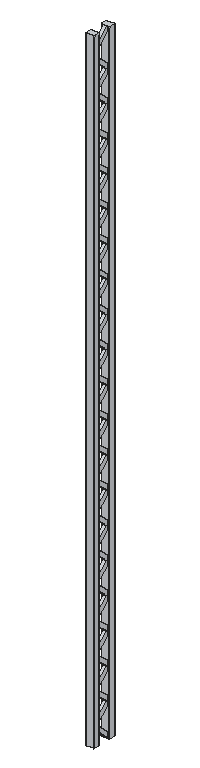
Revit family "GT24Grider6000", category Generic Models, Revit 2019
Family settings
  Can host rebar = No
  Round Connector Dimension = Use Diameter
  Part Type = Normal
  Work Plane-Based = No
  Always vertical = Yes
  Cut with Voids When Loaded = No
  Shared = No
  Room Calculation Point = No
Reference planes
  plane 1 "Center (Front/Back)": y = 0
  plane 2: z = 0
  plane 3 "Center (Left/Right)": x = 0
Forms (mm)
  Extrusion 1, solid
    sketch origin (-40, 60, 0) x (1, 0, 0) y (0, 1, 0)
      loop
        line (5, 0) -> (75, 0)
        arc (75, 0) -> (78.536, 1.464) -> (80, 5) r 5
        line (80, 5) -> (80, 55)
        arc (80, 55) -> (78.536, 58.536) -> (75, 60) r 5
        line (75, 60) -> (5, 60)
        arc (5, 60) -> (1.464, 58.536) -> (0, 55) r 5
        line (0, 55) -> (0, 5)
        arc (0, 5) -> (1.464, 1.464) -> (5, 0) r 5
    from 0 to 6000
  Extrusion 2, solid
    sketch origin (-40, -60, 0) x (1, 0, 0) y (0, 1, 0)
      loop
        arc (5, 0) -> (1.464, -1.464) -> (0, -5) r 5
        line (0, -5) -> (0, -55)
        arc (0, -55) -> (1.464, -58.536) -> (5, -60) r 5
        line (5, -60) -> (75, -60)
        arc (75, -60) -> (78.536, -58.536) -> (80, -55) r 5
        line (80, -55) -> (80, -5)
        arc (80, -5) -> (78.536, -1.464) -> (75, 0) r 5
        line (75, 0) -> (5, 0)
    from 0 to 6000
  Extrusion 3, solid
    sketch origin (0, 0, 0) x (0, 1, 0) y (0, 0, 1)
      loop
        line (60, 261) -> (60, 311) -> (-60, 213) -> (-60, 163) -> (60, 261)
    from -14 to 14
  Extrusion 4, solid
    sketch origin (0, 0, 622) x (0, 1, 0) y (0, 0, 1)
      loop
        line (60, -261) -> (-60, -163) -> (-60, -213) -> (60, -311) -> (60, -261)
    from -14 to 14
  Extrusion 5, solid
    sketch origin (0, 0, 296) x (0, 1, 0) y (0, 0, 1)
      loop
        line (60, 261) -> (60, 311) -> (-60, 213) -> (-60, 163) -> (60, 261)
    from -14 to 14
  Extrusion 6, solid
    sketch origin (0, 0, 592) x (0, 1, 0) y (0, 0, 1)
      loop
        line (60, 261) -> (60, 311) -> (-60, 213) -> (-60, 163) -> (60, 261)
    from -14 to 14
  Extrusion 7, solid
    sketch origin (0, 0, 888) x (0, 1, 0) y (0, 0, 1)
      loop
        line (60, 261) -> (60, 311) -> (-60, 213) -> (-60, 163) -> (60, 261)
    from -14 to 14
  Extrusion 8, solid
    sketch origin (0, 0, 1184) x (0, 1, 0) y (0, 0, 1)
      loop
        line (60, 261) -> (60, 311) -> (-60, 213) -> (-60, 163) -> (60, 261)
    from -14 to 14
  Extrusion 9, solid
    sketch origin (0, 0, 1480) x (0, 1, 0) y (0, 0, 1)
      loop
        line (60, 261) -> (60, 311) -> (-60, 213) -> (-60, 163) -> (60, 261)
    from -14 to 14
  Extrusion 10, solid
    sketch origin (0, 0, 1776) x (0, 1, 0) y (0, 0, 1)
      loop
        line (60, 261) -> (60, 311) -> (-60, 213) -> (-60, 163) -> (60, 261)
    from -14 to 14
  Extrusion 11, solid
    sketch origin (0, 0, 5672) x (0, 1, 0) y (0, 0, 1)
      loop
        line (60, 278) -> (60, 328) -> (-60, 213) -> (-60, 163) -> (60, 278)
    from -14 to 14
  Extrusion 12, solid
    sketch origin (0, 0, 918) x (0, 1, 0) y (0, 0, 1)
      loop
        line (60, -261) -> (-60, -163) -> (-60, -213) -> (60, -311) -> (60, -261)
    from -14 to 14
  Extrusion 13, solid
    sketch origin (0, 0, 1214) x (0, 1, 0) y (0, 0, 1)
      loop
        line (60, -261) -> (-60, -163) -> (-60, -213) -> (60, -311) -> (60, -261)
    from -14 to 14
  Extrusion 14, solid
    sketch origin (0, 0, 1510) x (0, 1, 0) y (0, 0, 1)
      loop
        line (60, -261) -> (-60, -163) -> (-60, -213) -> (60, -311) -> (60, -261)
    from -14 to 14
  Extrusion 15, solid
    sketch origin (0, 0, 1806) x (0, 1, 0) y (0, 0, 1)
      loop
        line (60, -261) -> (-60, -163) -> (-60, -213) -> (60, -311) -> (60, -261)
    from -14 to 14
  Extrusion 16, solid
    sketch origin (0, 0, 2102) x (0, 1, 0) y (0, 0, 1)
      loop
        line (60, -261) -> (-60, -163) -> (-60, -213) -> (60, -311) -> (60, -261)
    from -14 to 14
  Extrusion 17, solid
    sketch origin (0, 0, 2398) x (0, 1, 0) y (0, 0, 1)
      loop
        line (60, -261) -> (-60, -163) -> (-60, -213) -> (60, -311) -> (60, -261)
    from -14 to 14
  Extrusion 18, solid
    sketch origin (0, 0, 326) x (0, 1, 0) y (0, 0, 1)
      loop
        line (60, -326) -> (60, -276) -> (-60, -163) -> (-60, -213) -> (60, -326)
    from -14 to 14
  Extrusion 19, solid
    sketch origin (0, 0, 2072) x (0, 1, 0) y (0, 0, 1)
      loop
        line (60, 261) -> (60, 311) -> (-60, 213) -> (-60, 163) -> (60, 261)
    from -14 to 14
  Extrusion 20, solid
    sketch origin (0, 0, 2694) x (0, 1, 0) y (0, 0, 1)
      loop
        line (60, -261) -> (-60, -163) -> (-60, -213) -> (60, -311) -> (60, -261)
    from -14 to 14
  Extrusion 21, solid
    sketch origin (0, 0, 2368) x (0, 1, 0) y (0, 0, 1)
      loop
        line (60, 261) -> (60, 311) -> (-60, 213) -> (-60, 163) -> (60, 261)
    from -14 to 14
  Extrusion 22, solid
    sketch origin (0, 0, 2990) x (0, 1, 0) y (0, 0, 1)
      loop
        line (60, -261) -> (-60, -163) -> (-60, -213) -> (60, -311) -> (60, -261)
    from -14 to 14
  Extrusion 23, solid
    sketch origin (0, 0, 2664) x (0, 1, 0) y (0, 0, 1)
      loop
        line (60, 261) -> (60, 311) -> (-60, 213) -> (-60, 163) -> (60, 261)
    from -14 to 14
  Extrusion 24, solid
    sketch origin (0, 0, 3286) x (0, 1, 0) y (0, 0, 1)
      loop
        line (60, -261) -> (-60, -163) -> (-60, -213) -> (60, -311) -> (60, -261)
    from -14 to 14
  Extrusion 25, solid
    sketch origin (0, 0, 2960) x (0, 1, 0) y (0, 0, 1)
      loop
        line (60, 261) -> (60, 311) -> (-60, 213) -> (-60, 163) -> (60, 261)
    from -14 to 14
  Extrusion 26, solid
    sketch origin (0, 0, 3582) x (0, 1, 0) y (0, 0, 1)
      loop
        line (60, -261) -> (-60, -163) -> (-60, -213) -> (60, -311) -> (60, -261)
    from -14 to 14
  Extrusion 27, solid
    sketch origin (0, 0, 3256) x (0, 1, 0) y (0, 0, 1)
      loop
        line (60, 261) -> (60, 311) -> (-60, 213) -> (-60, 163) -> (60, 261)
    from -14 to 14
  Extrusion 28, solid
    sketch origin (0, 0, 3878) x (0, 1, 0) y (0, 0, 1)
      loop
        line (60, -261) -> (-60, -163) -> (-60, -213) -> (60, -311) -> (60, -261)
    from -14 to 14
  Extrusion 29, solid
    sketch origin (0, 0, 3552) x (0, 1, 0) y (0, 0, 1)
      loop
        line (60, 261) -> (60, 311) -> (-60, 213) -> (-60, 163) -> (60, 261)
    from -14 to 14
  Extrusion 30, solid
    sketch origin (0, 0, 4174) x (0, 1, 0) y (0, 0, 1)
      loop
        line (60, -261) -> (-60, -163) -> (-60, -213) -> (60, -311) -> (60, -261)
    from -14 to 14
  Extrusion 31, solid
    sketch origin (0, 0, 3848) x (0, 1, 0) y (0, 0, 1)
      loop
        line (60, 261) -> (60, 311) -> (-60, 213) -> (-60, 163) -> (60, 261)
    from -14 to 14
  Extrusion 32, solid
    sketch origin (0, 0, 4470) x (0, 1, 0) y (0, 0, 1)
      loop
        line (60, -261) -> (-60, -163) -> (-60, -213) -> (60, -311) -> (60, -261)
    from -14 to 14
  Extrusion 33, solid
    sketch origin (0, 0, 4144) x (0, 1, 0) y (0, 0, 1)
      loop
        line (60, 261) -> (60, 311) -> (-60, 213) -> (-60, 163) -> (60, 261)
    from -14 to 14
  Extrusion 34, solid
    sketch origin (0, 0, 4766) x (0, 1, 0) y (0, 0, 1)
      loop
        line (60, -261) -> (-60, -163) -> (-60, -213) -> (60, -311) -> (60, -261)
    from -14 to 14
  Extrusion 35, solid
    sketch origin (0, 0, 4440) x (0, 1, 0) y (0, 0, 1)
      loop
        line (60, 261) -> (60, 311) -> (-60, 213) -> (-60, 163) -> (60, 261)
    from -14 to 14
  Extrusion 36, solid
    sketch origin (0, 0, 5062) x (0, 1, 0) y (0, 0, 1)
      loop
        line (60, -261) -> (-60, -163) -> (-60, -213) -> (60, -311) -> (60, -261)
    from -14 to 14
  Extrusion 37, solid
    sketch origin (0, 0, 4736) x (0, 1, 0) y (0, 0, 1)
      loop
        line (60, 261) -> (60, 311) -> (-60, 213) -> (-60, 163) -> (60, 261)
    from -14 to 14
  Extrusion 38, solid
    sketch origin (0, 0, 5358) x (0, 1, 0) y (0, 0, 1)
      loop
        line (60, -261) -> (-60, -163) -> (-60, -213) -> (60, -311) -> (60, -261)
    from -14 to 14
  Extrusion 39, solid
    sketch origin (0, 0, 5032) x (0, 1, 0) y (0, 0, 1)
      loop
        line (60, 261) -> (60, 311) -> (-60, 213) -> (-60, 163) -> (60, 261)
    from -14 to 14
  Extrusion 40, solid
    sketch origin (0, 0, 5654) x (0, 1, 0) y (0, 0, 1)
      loop
        line (60, -261) -> (-60, -163) -> (-60, -213) -> (60, -311) -> (60, -261)
    from -14 to 14
  Extrusion 41, solid
    sketch origin (0, 0, 5328) x (0, 1, 0) y (0, 0, 1)
      loop
        line (60, 261) -> (60, 311) -> (-60, 213) -> (-60, 163) -> (60, 261)
    from -14 to 14
  Extrusion 42, solid
    sketch origin (0, 0, 5950) x (0, 1, 0) y (0, 0, 1)
      loop
        line (60, -261) -> (-60, -163) -> (-60, -213) -> (60, -311) -> (60, -261)
    from -14 to 14
Dimensions and locks
  Extrusion 1 to Extrusion 2 = 240 mm
  aligned and locked: level to plane 2
